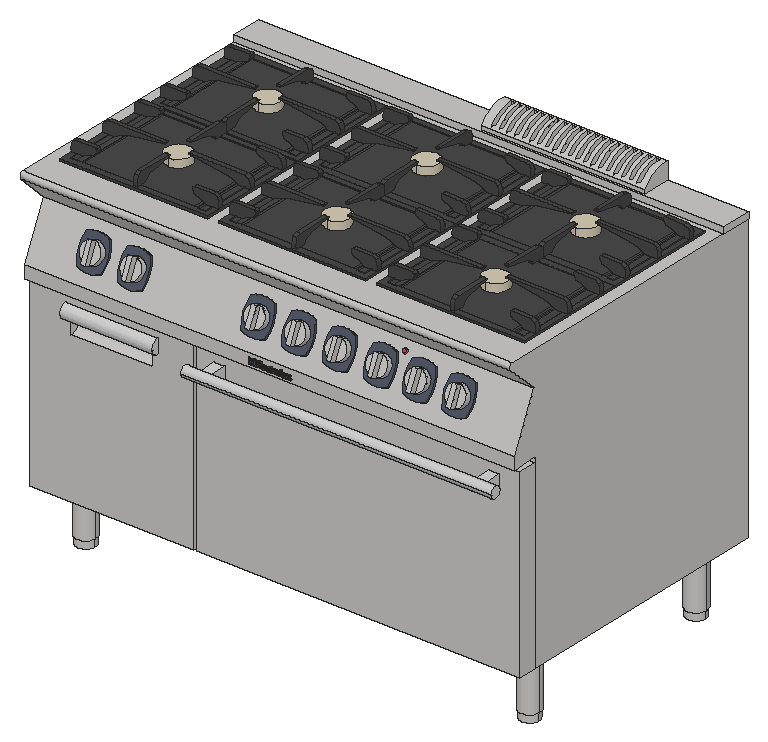
Revit family "QF_ELECTROLUXPROFESSIONAL_371006_E7GCGL6C20", category Specialty Equipment, Revit 2018 (continued)
Automatic sketch dimensions
  Extrusion 44 sketch curve to Extrusion 44 sketch curve = 5.06 mm
  Extrusion 44 sketch curve to Extrusion 44 sketch curve = 0 mm  (x27)
  Extrusion 44 sketch curve to Extrusion 44 sketch curve = 5.108 mm  (x2)
  Extrusion 44 sketch curve to Extrusion 44 sketch curve = 0.054 mm
  Extrusion 44 sketch curve to Extrusion 44 sketch curve = 0.218 mm
  Extrusion 44 sketch curve to Extrusion 44 sketch curve = 0.195 mm
  Extrusion 44 sketch curve to Extrusion 44 sketch curve = 0.249 mm
  Extrusion 44 sketch curve to Extrusion 44 sketch curve = 0.316 mm
  Extrusion 44 sketch curve to Extrusion 44 sketch curve = 0.087 mm
  Extrusion 44 sketch curve to Extrusion 44 sketch curve = 0.358 mm
  Extrusion 44 sketch curve to Extrusion 44 sketch curve = 0.481 mm
  Extrusion 44 sketch curve to Extrusion 44 sketch curve = 0.597 mm
  Extrusion 44 sketch curve to Extrusion 44 sketch curve = 0.544 mm
  Extrusion 44 sketch curve to Extrusion 44 sketch curve = 0.936 mm
  Extrusion 44 sketch curve to Extrusion 44 sketch curve = 0.594 mm
  Extrusion 44 sketch curve to Extrusion 44 sketch curve = 0.343 mm
  Extrusion 44 sketch curve to Extrusion 44 sketch curve = 0.159 mm
  Extrusion 44 sketch curve to Extrusion 44 sketch curve = 0.826 mm
  Extrusion 44 sketch curve to Extrusion 44 sketch curve = 0.839 mm
  Extrusion 44 sketch curve to Extrusion 44 sketch curve = 0.852 mm
  Extrusion 44 sketch curve to Extrusion 44 sketch curve = 0.887 mm
  Extrusion 44 sketch curve to Extrusion 44 sketch curve = 0.928 mm
  Extrusion 44 sketch curve to Extrusion 44 sketch curve = 0.938 mm
  Extrusion 44 sketch curve to Extrusion 44 sketch curve = 0.444 mm
  Extrusion 44 sketch curve to Extrusion 44 sketch curve = 1.11 mm  (x3)
  plane 7 "Center Y" to Extrusion 44 sketch curve = 43.726 mm
  Extrusion 44 sketch curve to Extrusion 44 sketch curve = 0.215 mm
  plane 7 "Center Y" to Extrusion 44 sketch curve = 0.332 mm
  Extrusion 44 sketch curve to Extrusion 44 sketch curve = 1.43 mm
  Extrusion 44 sketch curve to Extrusion 44 sketch curve = 1.188 mm
  Extrusion 44 sketch curve to Extrusion 44 sketch curve = 1.21 mm  (x2)
  Extrusion 44 sketch curve to Extrusion 44 sketch curve = 0.503 mm
  plane 7 "Center Y" to Extrusion 44 sketch curve = 48.995 mm
  Extrusion 44 sketch curve to Extrusion 44 sketch curve = 0.488 mm
  plane 7 "Center Y" to Extrusion 44 sketch curve = 52.922 mm
  Extrusion 44 sketch curve to Extrusion 44 sketch curve = 0.462 mm
  Extrusion 44 sketch curve to Extrusion 44 sketch curve = 1.386 mm
  Extrusion 44 sketch curve to Extrusion 44 sketch curve = 1.742 mm
  Extrusion 44 sketch curve to Extrusion 44 sketch curve = 0.821 mm
  Extrusion 44 sketch curve to Extrusion 44 sketch curve = 0.497 mm
  Extrusion 44 sketch curve to Extrusion 44 sketch curve = 0.539 mm
  Extrusion 44 sketch curve to Extrusion 44 sketch curve = 0.686 mm
  Extrusion 44 sketch curve to plane 7 "Center Y" = 0.042 mm
  Extrusion 44 sketch curve to Extrusion 44 sketch curve = 0.408 mm
  Extrusion 44 sketch curve to Extrusion 44 sketch curve = 0.743 mm
  Extrusion 44 sketch curve to Extrusion 44 sketch curve = 1.16 mm
  Extrusion 44 sketch curve to Extrusion 44 sketch curve = 0.329 mm
  Extrusion 44 sketch curve to Extrusion 44 sketch curve = 1.054 mm
  Extrusion 44 sketch curve to Extrusion 44 sketch curve = 1.056 mm
  Extrusion 44 sketch curve to Extrusion 44 sketch curve = 0.129 mm
  Extrusion 44 sketch curve to Extrusion 44 sketch curve = 0.489 mm
  Extrusion 44 sketch curve to plane 7 "Center Y" = 0.376 mm
  Extrusion 44 sketch curve to Extrusion 44 sketch curve = 0.441 mm
  Extrusion 44 sketch curve to Extrusion 44 sketch curve = 1.151 mm
  Extrusion 44 sketch curve to Extrusion 44 sketch curve = 1.141 mm  (x2)
  Extrusion 44 sketch curve to Extrusion 44 sketch curve = 0.768 mm
  Extrusion 44 sketch curve to Extrusion 44 sketch curve = 1.653 mm
  Extrusion 44 sketch curve to Extrusion 44 sketch curve = 0.499 mm
  Extrusion 44 sketch curve to Extrusion 44 sketch curve = 0.964 mm
  Extrusion 44 sketch curve to Extrusion 44 sketch curve = 0.949 mm
  Extrusion 44 sketch curve to Extrusion 44 sketch curve = 1.345 mm  (x3)
  Extrusion 44 sketch curve to Extrusion 44 sketch curve = 1.101 mm
  Extrusion 44 sketch curve to Extrusion 44 sketch curve = 0.432 mm
  Extrusion 44 sketch curve to Extrusion 44 sketch curve = 1.142 mm
  Extrusion 44 sketch curve to Extrusion 44 sketch curve = 0.959 mm
  Extrusion 44 sketch curve to Extrusion 44 sketch curve = 0.176 mm
  Extrusion 44 sketch curve to Extrusion 44 sketch curve = 0.728 mm
  Extrusion 44 sketch curve to Extrusion 44 sketch curve = 3.375 mm  (x2)
  Extrusion 44 sketch curve to Extrusion 44 sketch curve = 0.541 mm
  Extrusion 44 sketch curve to Extrusion 44 sketch curve = 0.955 mm
  Extrusion 44 sketch curve to Extrusion 44 sketch curve = 1.251 mm
  Extrusion 44 sketch curve to Extrusion 44 sketch curve = 0.572 mm
  plane 7 "Center Y" to Extrusion 44 sketch curve = 47.619 mm
  Extrusion 44 sketch curve to Extrusion 44 sketch curve = 1.92 mm
  Extrusion 44 sketch curve to Extrusion 44 sketch curve = 1.224 mm
  Extrusion 44 sketch curve to Extrusion 44 sketch curve = 0.745 mm
  Extrusion 44 sketch curve to Extrusion 44 sketch curve = 0.036 mm
  Extrusion 44 sketch curve to Extrusion 44 sketch curve = 0.896 mm  (x3)
  Extrusion 44 sketch curve to Extrusion 44 sketch curve = 2.607 mm
  Extrusion 44 sketch curve to Extrusion 44 sketch curve = 0.066 mm
  Extrusion 44 sketch curve to Extrusion 44 sketch curve = 0.248 mm
  Extrusion 44 sketch curve to Extrusion 44 sketch curve = 0.449 mm
  plane 7 "Center Y" to Extrusion 44 sketch curve = 46.838 mm
  Extrusion 44 sketch curve to Extrusion 44 sketch curve = 1.052 mm
  Extrusion 44 sketch curve to Extrusion 44 sketch curve = 1.863 mm
  Extrusion 44 sketch curve to Extrusion 44 sketch curve = 1.31 mm  (x2)
  Extrusion 44 sketch curve to Extrusion 44 sketch curve = 0.901 mm
  Extrusion 44 sketch curve to Extrusion 44 sketch curve = 1.107 mm
  Extrusion 44 sketch curve to Extrusion 44 sketch curve = 2.122 mm
  Extrusion 44 sketch curve to Extrusion 44 sketch curve = 2.101 mm
  Extrusion 44 sketch curve to Extrusion 44 sketch curve = 0.106 mm
  Extrusion 44 sketch curve to Extrusion 44 sketch curve = 0.029 mm
  plane 7 "Center Y" to Extrusion 44 sketch curve = 49.641 mm
  Extrusion 44 sketch curve to Extrusion 44 sketch curve = 2.09 mm
  Extrusion 44 sketch curve to Extrusion 44 sketch curve = 1.279 mm
  Extrusion 44 sketch curve to Extrusion 44 sketch curve = 2.008 mm
  Extrusion 44 sketch curve to Extrusion 44 sketch curve = 0.738 mm
  Extrusion 44 sketch curve to Extrusion 44 sketch curve = 0.382 mm
  Extrusion 44 sketch curve to Extrusion 44 sketch curve = 0.384 mm
  Extrusion 44 sketch curve to Extrusion 44 sketch curve = 0.002 mm
  Extrusion 44 sketch curve to Extrusion 44 sketch curve = 0.561 mm
  Extrusion 44 sketch curve to Extrusion 44 sketch curve = 0.592 mm
  Extrusion 44 sketch curve to Extrusion 44 sketch curve = 2.692 mm
  Extrusion 44 sketch curve to Extrusion 44 sketch curve = 1.259 mm
  plane 7 "Center Y" to Extrusion 44 sketch curve = 48.858 mm
  Extrusion 44 sketch curve to Extrusion 44 sketch curve = 0.802 mm
  Extrusion 44 sketch curve to Extrusion 44 sketch curve = 1.024 mm
  Extrusion 44 sketch curve to Extrusion 44 sketch curve = 0.682 mm
  Extrusion 44 sketch curve to Extrusion 44 sketch curve = 5.934 mm
  Extrusion 44 sketch curve to Extrusion 44 sketch curve = 2.186 mm
  Extrusion 44 sketch curve to Extrusion 44 sketch curve = 0.337 mm
  Extrusion 44 sketch curve to Extrusion 44 sketch curve = 0.021 mm
  Extrusion 44 sketch curve to Extrusion 44 sketch curve = 1.005 mm
  Extrusion 44 sketch curve to Extrusion 44 sketch curve = 0.552 mm
  Extrusion 44 sketch curve to Extrusion 44 sketch curve = 0.778 mm
  Extrusion 44 sketch curve to Extrusion 44 sketch curve = 0.063 mm
  Extrusion 44 sketch curve to Extrusion 44 sketch curve = 1.023 mm
  Extrusion 44 sketch curve to Extrusion 44 sketch curve = 3.804 mm
  Extrusion 44 sketch curve to Extrusion 44 sketch curve = 0.486 mm
  Extrusion 44 sketch curve to Extrusion 44 sketch curve = 0.266 mm
  Extrusion 44 sketch curve to plane 7 "Center Y" = 0.787 mm
  Extrusion 44 sketch curve to Extrusion 44 sketch curve = 1.547 mm
  Extrusion 44 sketch curve to Extrusion 44 sketch curve = 0.717 mm  (x2)
  Extrusion 44 sketch curve to Extrusion 44 sketch curve = 1.667 mm
  plane 7 "Center Y" to Extrusion 44 sketch curve = 44.532 mm
  Extrusion 44 sketch curve to Extrusion 44 sketch curve = 3.174 mm
  plane 7 "Center Y" to Extrusion 44 sketch curve = 0.368 mm
  Extrusion 44 sketch curve to Extrusion 44 sketch curve = 0.388 mm
  Extrusion 44 sketch curve to Extrusion 44 sketch curve = 1.342 mm
  plane 7 "Center Y" to Extrusion 44 sketch curve = 50.135 mm
  Extrusion 44 sketch curve to Extrusion 44 sketch curve = 1.521 mm
  plane 7 "Center Y" to Extrusion 44 sketch curve = 51.694 mm
  Extrusion 44 sketch curve to Extrusion 44 sketch curve = 0.124 mm
  Extrusion 44 sketch curve to Extrusion 44 sketch curve = 0.291 mm
  plane 7 "Center Y" to Extrusion 44 sketch curve = 7.285 mm
  Extrusion 44 sketch curve to Extrusion 44 sketch curve = 1.049 mm  (x2)
  plane 7 "Center Y" to Extrusion 44 sketch curve = 47.668 mm
  Extrusion 44 sketch curve to Extrusion 44 sketch curve = 1.7 mm
  Extrusion 44 sketch curve to Extrusion 44 sketch curve = 0.894 mm
  Extrusion 44 sketch curve to Extrusion 44 sketch curve = 0.989 mm
  Extrusion 44 sketch curve to Extrusion 44 sketch curve = 1.168 mm
  Extrusion 44 sketch curve to Extrusion 44 sketch curve = 1.594 mm
  Extrusion 44 sketch curve to Extrusion 44 sketch curve = 0.731 mm
  Extrusion 44 sketch curve to Extrusion 44 sketch curve = 1.566 mm
  Extrusion 44 sketch curve to Extrusion 44 sketch curve = 0.064 mm
  plane 7 "Center Y" to Extrusion 44 sketch curve = 7.842 mm
  Extrusion 44 sketch curve to Extrusion 44 sketch curve = 0.556 mm
  Extrusion 44 sketch curve to Extrusion 44 sketch curve = 0.48 mm
  Extrusion 44 sketch curve to Extrusion 44 sketch curve = 0.228 mm
  Extrusion 44 sketch curve to Extrusion 44 sketch curve = 1.018 mm
  plane 7 "Center Y" to Extrusion 44 sketch curve = 37.429 mm
  Extrusion 44 sketch curve to Extrusion 44 sketch curve = 0.787 mm
  Extrusion 44 sketch curve to Extrusion 44 sketch curve = 0.618 mm
  plane 7 "Center Y" to Extrusion 44 sketch curve = 42.486 mm
  Extrusion 44 sketch curve to Extrusion 44 sketch curve = 1.672 mm
  plane 7 "Center Y" to Extrusion 44 sketch curve = 53.436 mm
  Extrusion 44 sketch curve to Extrusion 44 sketch curve = 1.361 mm
  Extrusion 44 sketch curve to Extrusion 44 sketch curve = 0.822 mm
  Extrusion 44 sketch curve to Extrusion 44 sketch curve = 0.069 mm
  Extrusion 44 sketch curve to Extrusion 44 sketch curve = 1.88 mm
  plane 7 "Center Y" to Extrusion 44 sketch curve = 35.269 mm
  Extrusion 44 sketch curve to Extrusion 44 sketch curve = 0.42 mm
  Extrusion 44 sketch curve to Extrusion 44 sketch curve = 0.062 mm
  Extrusion 44 sketch curve to Extrusion 44 sketch curve = 1.355 mm
  Extrusion 44 sketch curve to Extrusion 44 sketch curve = 2.34 mm
  Extrusion 44 sketch curve to Extrusion 44 sketch curve = 0.493 mm
  Extrusion 44 sketch curve to Extrusion 44 sketch curve = 0.136 mm
  Extrusion 44 sketch curve to Extrusion 44 sketch curve = 0.128 mm
  Extrusion 44 sketch curve to Extrusion 44 sketch curve = 3.616 mm
  Extrusion 44 sketch curve to Extrusion 44 sketch curve = 4.207 mm
  Extrusion 44 sketch curve to Extrusion 44 sketch curve = 0.183 mm
  Extrusion 44 sketch curve to Extrusion 44 sketch curve = 0.895 mm
  Extrusion 44 sketch curve to Extrusion 44 sketch curve = 1.314 mm
  Extrusion 44 sketch curve to Extrusion 44 sketch curve = 3.231 mm
  Extrusion 44 sketch curve to plane 7 "Center Y" = 23.526 mm
  Extrusion 44 sketch curve to Extrusion 44 sketch curve = 1.299 mm
  Extrusion 44 sketch curve to Extrusion 44 sketch curve = 1.214 mm
  plane 7 "Center Y" to Extrusion 44 sketch curve = 26.369 mm
  Extrusion 44 sketch curve to Extrusion 44 sketch curve = 1.264 mm
  Extrusion 44 sketch curve to Extrusion 44 sketch curve = 0.109 mm
  Extrusion 44 sketch curve to Extrusion 44 sketch curve = 0.357 mm
  Extrusion 44 sketch curve to Extrusion 44 sketch curve = 0.565 mm
  Extrusion 44 sketch curve to Extrusion 44 sketch curve = 2.504 mm
  Extrusion 44 sketch curve to Extrusion 44 sketch curve = 2.459 mm
  Extrusion 44 sketch curve to Extrusion 44 sketch curve = 0.983 mm
  Extrusion 44 sketch curve to Extrusion 44 sketch curve = 0.422 mm  (x2)
  Extrusion 44 sketch curve to Extrusion 44 sketch curve = 1.268 mm
  Extrusion 44 sketch curve to Extrusion 44 sketch curve = 0.671 mm
  Extrusion 44 sketch curve to Extrusion 44 sketch curve = 1.634 mm
  Extrusion 44 sketch curve to Extrusion 44 sketch curve = 0.132 mm
  Extrusion 44 sketch curve to Extrusion 44 sketch curve = 0.586 mm
  Extrusion 44 sketch curve to Extrusion 44 sketch curve = 1.241 mm
  Extrusion 44 sketch curve to Extrusion 44 sketch curve = 1.689 mm
  Extrusion 44 sketch curve to Extrusion 44 sketch curve = 0.627 mm
  Extrusion 44 sketch curve to Extrusion 44 sketch curve = 0.419 mm
  Extrusion 44 sketch curve to Extrusion 44 sketch curve = 1.514 mm
  Extrusion 44 sketch curve to Extrusion 44 sketch curve = 1.019 mm
  Extrusion 44 sketch curve to Extrusion 44 sketch curve = 0.065 mm
  Extrusion 44 sketch curve to Extrusion 44 sketch curve = 1.215 mm
  Extrusion 44 sketch curve to Extrusion 44 sketch curve = 1.122 mm
  Extrusion 44 sketch curve to Extrusion 44 sketch curve = 1.153 mm
  Extrusion 44 sketch curve to Extrusion 44 sketch curve = 1.223 mm
  Extrusion 44 sketch curve to Extrusion 44 sketch curve = 0.934 mm
  Extrusion 44 sketch curve to Extrusion 44 sketch curve = 3.376 mm
  Extrusion 44 sketch curve to Extrusion 44 sketch curve = 0.222 mm
  Extrusion 44 sketch curve to Extrusion 44 sketch curve = 1.383 mm
  Extrusion 44 sketch curve to Extrusion 44 sketch curve = 1.556 mm
  Extrusion 44 sketch curve to Extrusion 44 sketch curve = 2.559 mm
  Extrusion 44 sketch curve to Extrusion 44 sketch curve = 2.51 mm
  Extrusion 44 sketch curve to Extrusion 44 sketch curve = 0.131 mm
  Extrusion 44 sketch curve to Extrusion 44 sketch curve = 1.134 mm
  Extrusion 44 sketch curve to Extrusion 44 sketch curve = 0.094 mm
  Extrusion 44 sketch curve to Extrusion 44 sketch curve = 1.584 mm
  Extrusion 44 sketch curve to Extrusion 44 sketch curve = 0.27 mm
  Extrusion 44 sketch curve to Extrusion 44 sketch curve = 0.916 mm
  Extrusion 44 sketch curve to Extrusion 44 sketch curve = 0.352 mm
  Extrusion 44 sketch curve to Extrusion 44 sketch curve = 0.458 mm
  Extrusion 44 sketch curve to Extrusion 44 sketch curve = 1.282 mm
  Extrusion 44 sketch curve to Extrusion 44 sketch curve = 1.363 mm
  Extrusion 44 sketch curve to Extrusion 44 sketch curve = 0.685 mm
  Extrusion 44 sketch curve to Extrusion 44 sketch curve = 0.905 mm
  Extrusion 44 sketch curve to Extrusion 44 sketch curve = 1.477 mm
  Extrusion 44 sketch curve to Extrusion 44 sketch curve = 0.472 mm
  Extrusion 44 sketch curve to Extrusion 44 sketch curve = 0.101 mm
  Extrusion 44 sketch curve to Extrusion 44 sketch curve = 0.54 mm
  Extrusion 44 sketch curve to Extrusion 44 sketch curve = 0.02 mm
  Extrusion 44 sketch curve to Extrusion 44 sketch curve = 0.829 mm
  Extrusion 44 sketch curve to Extrusion 44 sketch curve = 0.582 mm
  Extrusion 44 sketch curve to Extrusion 44 sketch curve = 0.166 mm
  Extrusion 44 sketch curve to Extrusion 44 sketch curve = 0.16 mm
  Extrusion 44 sketch curve to Extrusion 44 sketch curve = 1.118 mm
  Extrusion 44 sketch curve to Extrusion 44 sketch curve = 0.613 mm
  Extrusion 44 sketch curve to Extrusion 44 sketch curve = 0.781 mm
  Extrusion 44 sketch curve to Extrusion 44 sketch curve = 0.361 mm
  Extrusion 44 sketch curve to Extrusion 44 sketch curve = 0.897 mm
  Extrusion 44 sketch curve to Extrusion 44 sketch curve = 0.167 mm
  Extrusion 44 sketch curve to Extrusion 44 sketch curve = 0.292 mm
  Extrusion 44 sketch curve to Extrusion 44 sketch curve = 0.305 mm
  Extrusion 44 sketch curve to Extrusion 44 sketch curve = 1.557 mm
  Extrusion 44 sketch curve to Extrusion 44 sketch curve = 2.499 mm
  Extrusion 44 sketch curve to Extrusion 44 sketch curve = 3.062 mm
  Extrusion 44 sketch curve to Extrusion 44 sketch curve = 2.968 mm
  Extrusion 44 sketch curve to Extrusion 44 sketch curve = 5.044 mm
  Extrusion 44 sketch curve to Extrusion 44 sketch curve = 0.629 mm  (x2)
  Extrusion 44 sketch curve to Extrusion 44 sketch curve = 1.131 mm
  Extrusion 44 sketch curve to Extrusion 44 sketch curve = 0.137 mm
  Extrusion 44 sketch curve to Extrusion 44 sketch curve = 0.027 mm
  Extrusion 44 sketch curve to Extrusion 44 sketch curve = 2.046 mm
  Extrusion 44 sketch curve to Extrusion 44 sketch curve = 2.235 mm
  radius of Extrusion 8 sketch curve = 6.35 mm
  radius of Extrusion 13 sketch curve = 12.7 mm
  radius of Extrusion 17 sketch curve = 25.4 mm
  radius of Extrusion 18 sketch curve to Extrusion 17 = 0 mm  (x2)
  radius of Extrusion 20 sketch curve = 25.4 mm
  radius of Extrusion 21 sketch curve to Extrusion 20 = 0 mm  (x2)
  radius of Extrusion 23 sketch curve = 25.4 mm
  radius of Extrusion 24 sketch curve to Extrusion 23 = 0 mm  (x2)
  radius of Extrusion 28 sketch curve = 25.4 mm
  radius of Extrusion 29 sketch curve to Extrusion 28 = 0 mm  (x2)
  radius of Extrusion 31 sketch curve = 25.4 mm
  radius of Extrusion 32 sketch curve to Extrusion 31 = 0 mm  (x2)
  radius of Extrusion 34 sketch curve = 25.4 mm
  radius of Extrusion 35 sketch curve to Extrusion 34 = 0 mm  (x2)
  radius of Extrusion 37 sketch curve = 25.4 mm
  radius of Extrusion 38 sketch curve to Extrusion 37 = 0 mm  (x2)
  radius of Extrusion 40 sketch curve = 25.4 mm
  radius of Extrusion 41 sketch curve to Extrusion 40 = 0 mm  (x2)
  radius of Extrusion 42 sketch curve = 5 mm
  radius of Extrusion 43 sketch curve = 3.175 mm
Nested families
  nested 1: "371009_BURNER" at (23.5, -5, 0), type "371009_BURNER"
    with Type Mark "", Status "", Specification by User "", Revision Code "", Item Number "", Installed By "", Identify Quantity as Lot yes, Furnished By "", Foodservice Equipment Identifier yes
  nested 2: "371009_BURNER" at (23.5, -739.127, 0), type "371009_BURNER"
    with Type Mark "", Status "", Specification by User "", Revision Code "", Item Number "", Installed By "", Identify Quantity as Lot yes, Furnished By "", Foodservice Equipment Identifier yes
  nested 3: "371009_BURNER" at (412.5, -5, 0), type "371009_BURNER"
    with Type Mark "", Status "", Specification by User "", Revision Code "", Item Number "", Installed By "", Identify Quantity as Lot yes, Furnished By "", Foodservice Equipment Identifier yes
  nested 4: "371009_BURNER" at (412.5, -739.127, 0), type "371009_BURNER"
    with Type Mark "", Status "", Specification by User "", Revision Code "", Item Number "", Installed By "", Identify Quantity as Lot yes, Furnished By "", Foodservice Equipment Identifier yes
  nested 5: "371009_BURNER" at (1176.5, -5, 0) x (-1, 0, 0) z (0, 0, 1), type "371009_BURNER"
    with Type Mark "", Status "", Specification by User "", Revision Code "", Item Number "", Installed By "", Identify Quantity as Lot yes, Furnished By "", Foodservice Equipment Identifier yes
  nested 6: "371009_BURNER" at (1176.5, -739.127, 0) x (-1, 0, 0) z (0, 0, 1), type "371009_BURNER"
    with Type Mark "", Status "", Specification by User "", Revision Code "", Item Number "", Installed By "", Identify Quantity as Lot yes, Furnished By "", Foodservice Equipment Identifier yes
Connectors
  piping at (1147.613, -464, 141.185), diameter 12.8
    settings: on Extrusion 8, index 1, connector inside diameter 0.50394", connector length 0 mm, flow factor 0, pipe flow 0 GPM, pressure drop 0.00 psi, fitting loss kfactor 0, connector angle 0.00°, fixture units 0, engagement length 0 mm, angle of deflection 0.00°, flow configuration 1, flow direction 1, fitting loss method 0, system type 7, joint type 0, gender type 0, connector reference index -1, connector utility 0, adjustable connector no, is connector primary yes, connector description "Gas Inlet"
  electrical at (1147.613, -514, 148.45), driven by "Volts", driven by "Watts"
    settings: on Extrusion 43, index 2, voltage 400 V, apparent load 6000 VA, apparent load phase1 0 VA, apparent load phase2 0 VA, apparent load phase3 0 VA, power factor 1, load classification "Other", number of poles 1, system type 30, power factor state 1, is connector primary yes, connector utility no, sub classification motor no, connector description "Electrical Connection"
Definition of nested family "371009_BURNER"
  Parameters
    Weight in Pounds = 0
    URL Cutsheet = ""
    URL = "www.electrolux.com"
    Type Mark [instance] = ""
    Status [instance] = ""
    Specification by User [instance] = ""
    Specification by Manufacturer = ""
    Serial Number = ""
    Seismic Rating = ""
    SMACNA No = ""
    Revision Code [instance] = ""
    Omniclass Number and Title = ""
    NAFEM Spec ID Number = ""
    Model = "371009"
    Masterspec = ""
    Manufacturer = "ELECTROLUX"
    Item Number [instance] = ""
    Installed By [instance] = ""
    Identify Quantity as Lot [instance] = yes
    Furnished By [instance] = ""
    Foodservice Equipment Identifier [instance] = yes
    Description = ""
    CSI MasterFormat = ""
    CSI Master Format = ""
  Reference planes
    plane 1 "BACK": y = 0
    plane 2: z = 0
    plane 3 "LEFT": x = 0
    plane 4 "RIGHT": x = 800
    plane 5 "FRONT": y = -700
    plane 6 "TOP": z = 908.85
    plane 7 "Center Y": x = 400
    plane 8 "Center X": y = -350
    plane 9 "Base": z = 150
    plane 10: z = 850.85
  Forms (mm)
    Extrusion 1, solid
      sketch origin (0, -734.127, 5) x (1, 0, 0) y (0, 0, -1)
        loop
          arc (7.142, -850.85) -> (6.739, -862.989) -> (9.761, -874.752) r 42.809
          line (9.761, -874.752) -> (19.961, -879.425) -> (157.339, -879.425)
          arc (157.339, -879.425) -> (158.533, -878.312) -> (157.506, -877.043) r 1.197
          line (157.506, -877.043) -> (64.848, -864.021)
          arc (64.848, -864.021) -> (50.111, -858.738) -> (36.589, -850.85) r 85.245
          line (36.589, -850.85) -> (7.142, -850.85)
        loop
          line (367.858, -850.85) -> (338.411, -850.85)
          arc (338.411, -850.85) -> (324.889, -858.738) -> (310.152, -864.021) r 85.245
          line (310.152, -864.021) -> (217.494, -877.043)
          arc (217.494, -877.043) -> (216.467, -878.312) -> (217.661, -879.425) r 1.197
          line (217.661, -879.425) -> (355.039, -879.425) -> (365.239, -874.752)
          arc (365.239, -874.752) -> (368.261, -862.989) -> (367.858, -850.85) r 42.809
      from 224.564 to 234.564
    Extrusion 2, solid
      sketch origin (0, -734.127, 5) x (1, 0, 0) y (0, 0, -1)
        loop
          arc (7.056, -850.85) -> (6.705, -862.948) -> (9.748, -874.663) r 42.876
          line (9.748, -874.663) -> (19.961, -879.425) -> (65.851, -879.425)
          arc (65.851, -879.425) -> (68.577, -878.352) -> (69.841, -875.709) r 4
          arc (69.841, -875.709) -> (68.75, -869.25) -> (64.816, -864.012) r 13.87
          arc (64.816, -864.012) -> (50.096, -858.731) -> (36.589, -850.85) r 85.245
          line (36.589, -850.85) -> (7.056, -850.85)
        loop
          line (367.944, -850.85) -> (338.411, -850.85)
          arc (338.411, -850.85) -> (324.904, -858.731) -> (310.184, -864.012) r 85.245
          arc (310.184, -864.012) -> (306.25, -869.25) -> (305.159, -875.709) r 13.87
          arc (305.159, -875.709) -> (306.423, -878.352) -> (309.149, -879.425) r 4
          line (309.149, -879.425) -> (355.039, -879.425) -> (365.252, -874.663)
          arc (365.252, -874.663) -> (368.295, -862.948) -> (367.944, -850.85) r 42.876
      from 127.064 to 137.064
    Extrusion 3, solid
      sketch origin (0, -275, 5) x (1, 0, 0) y (0, 0, 1)
        loop
          arc (64.816, 864.012) -> (68.75, 869.25) -> (69.841, 875.709) r 13.87
          arc (69.841, 875.709) -> (68.577, 878.352) -> (65.851, 879.425) r 4
          line (65.851, 879.425) -> (19.961, 879.425) -> (9.748, 874.663)
          arc (9.748, 874.663) -> (6.705, 862.948) -> (7.056, 850.85) r 42.876
          line (7.056, 850.85) -> (36.589, 850.85)
          arc (36.589, 850.85) -> (50.096, 858.731) -> (64.816, 864.012) r 85.245
        loop
          arc (310.184, 864.012) -> (324.904, 858.731) -> (338.411, 850.85) r 85.245
          line (338.411, 850.85) -> (367.944, 850.85)
          arc (367.944, 850.85) -> (368.295, 862.948) -> (365.252, 874.663) r 42.876
          line (365.252, 874.663) -> (355.039, 879.425) -> (309.149, 879.425)
          arc (309.149, 879.425) -> (306.423, 878.352) -> (305.159, 875.709) r 4
          arc (305.159, 875.709) -> (306.25, 869.25) -> (310.184, 864.012) r 13.87
      from 127.064 to 137.064
    Extrusion 4, solid
      sketch origin (454.964, -29.48, 5) x (0, -1, 0) y (0, 0, 1)
        loop
          arc (366.649, 850.85) -> (375.927, 861.743) -> (389.337, 866.736) r 28.426
          line (389.337, 866.736) -> (441.256, 877.043)
          arc (441.256, 877.043) -> (442.283, 878.312) -> (441.089, 879.425) r 1.197
          line (441.089, 879.425) -> (347.797, 879.425)
          arc (347.797, 879.425) -> (343.211, 875.934) -> (337.583, 874.694) r 13.39
          line (337.583, 874.694) -> (337.583, 850.85) -> (366.649, 850.85)
        loop
          arc (606.236, 850.85) -> (606.587, 862.948) -> (603.543, 874.663) r 42.876
          line (603.543, 874.663) -> (593.33, 879.425) -> (509.077, 879.425)
          arc (509.077, 879.425) -> (507.883, 878.312) -> (508.911, 877.043) r 1.197
          line (508.911, 877.043) -> (560.83, 866.736)
          arc (560.83, 866.736) -> (574.239, 861.743) -> (583.518, 850.85) r 28.426
          line (583.518, 850.85) -> (606.236, 850.85)
      from 262.464 to 272.464
    Extrusion 5, solid
      sketch origin (0, 0, 850.85) x (0, -1, 0) y (1, 0, 0)
        loop
          line (642.216, 6.433) -> (642.216, 368.567) -> (367.857, 368.567) -> (367.857, 6.433) -> (642.216, 6.433)
        loop
          line (382.857, 21.433) -> (627.216, 21.433) -> (627.216, 353.567) -> (382.857, 353.567) -> (382.857, 21.433)
      from 0 to 5
    Extrusion 6, solid
      sketch origin (-12.5, 0, 855.85) x (0, -1, 0) y (1, 0, 0)
        loop
          circle (504.356, 200) r 30
      from -1.321 to 17.134
    Extrusion 7, solid
      sketch origin (0, -734.127, 0) x (1, 0, 0) y (0, 0, -1)
        loop
          line (21.433, -855.85) -> (36.589, -855.85)
          arc (36.589, -855.85) -> (40.561, -855.243) -> (44.305, -853.783) r 18.259
          arc (44.305, -853.783) -> (45.997, -853.366) -> (47.69, -853.783) r 3.649
          arc (47.69, -853.783) -> (49.901, -854.522) -> (52.232, -854.529) r 7.328
          line (52.232, -854.529) -> (322.768, -854.529)
          arc (322.768, -854.529) -> (325.099, -854.522) -> (327.31, -853.783) r 7.328
          arc (327.31, -853.783) -> (329.003, -853.366) -> (330.695, -853.783) r 3.649
          arc (330.695, -853.783) -> (334.439, -855.243) -> (338.411, -855.85) r 18.259
          line (338.411, -855.85) -> (353.567, -855.85) -> (353.567, -850.85) -> (21.433, -850.85) -> (21.433, -855.85)
      from 106.911 to 351.27
  Lines and regions (mm)
    symbolic lines
      curve 1: line (6.433, -642.216, 150) -> (368.567, -642.216, 150)
      curve 2: line (6.433, -367.857, 150) -> (6.433, -642.216, 150)
      curve 3: line (368.567, -367.857, 150) -> (192.5, -367.857, 150)
      curve 4: line (368.567, -642.216, 150) -> (368.567, -367.857, 150)
      curve 5: line (353.567, -382.857, 150) -> (192.5, -382.857, 150)
      curve 6: line (353.567, -627.216, 150) -> (353.567, -607.064, 150)
      curve 7: line (21.433, -627.216, 150) -> (182.5, -627.216, 150)
      curve 8: line (21.433, -382.857, 150) -> (21.433, -402.064, 150)
      curve 9: line (52.232, -627.216, 150) -> (52.232, -607.064, 150)
      curve 10: line (322.567, -382.857, 150) -> (322.567, -402.064, 150)
      curve 11: line (148.125, -499.564, 150) -> (148.125, -382.857, 150)
      curve 12: line (154.375, -382.857, 150) -> (154.375, -499.564, 150)
      curve 13: arc (148.297, -509.564, 150) -> (159.191, -533.254, 150) -> (182.5, -544.942, 150) r 39.375
      curve 14: arc (220.42, -509.564, 150) -> (211.39, -528.832, 150) -> (192.5, -538.631, 150) r 33.125
      curve 15: line (220.625, -382.857, 150) -> (220.625, -499.564, 150)
      curve 16: line (226.875, -499.564, 150) -> (226.875, -382.857, 150)
      curve 17: line (192.5, -636.339, 150) -> (192.5, -535.619, 150)
      curve 18: arc (182.657, -474.75, 150) -> (166.195, -483.236, 150) -> (157.853, -499.771, 150) r 30
      curve 19: arc (192.224, -533.982, 150) -> (208.621, -525.661, 150) -> (217.084, -509.337, 150) r 30
      curve 20: line (368.567, -597.064, 150) -> (305.159, -597.064, 150)
      curve 21: line (6.433, -607.064, 150) -> (69.841, -607.064, 150)
      curve 22: line (6.433, -509.564, 150) -> (156.429, -509.564, 150)
      curve 23: line (368.567, -499.564, 150) -> (218.571, -499.564, 150)
      curve 24: line (6.433, -412.064, 150) -> (69.841, -412.064, 150)
      curve 25: line (368.567, -402.064, 150) -> (305.159, -402.064, 150)
      curve 26: line (69.841, -597.064, 150) -> (6.433, -597.064, 150)
      curve 27: line (305.159, -607.064, 150) -> (368.567, -607.064, 150)
      curve 28: line (69.841, -402.064, 150) -> (6.433, -402.064, 150)
      curve 29: line (305.159, -412.064, 150) -> (368.567, -412.064, 150)
      curve 30: arc (69.841, -597.064, 150) -> (74.841, -602.064, 150) -> (69.841, -607.064, 150) r 5
      curve 31: arc (305.159, -607.064, 150) -> (300.159, -602.064, 150) -> (305.159, -597.064, 150) r 5
      curve 32: arc (69.841, -402.064, 150) -> (74.841, -407.064, 150) -> (69.841, -412.064, 150) r 5
      curve 33: arc (305.159, -412.064, 150) -> (300.159, -407.064, 150) -> (305.159, -402.064, 150) r 5
      curve 34: line (21.433, -412.064, 150) -> (21.433, -499.564, 150)
      curve 35: line (52.232, -402.064, 150) -> (52.232, -382.857, 150)
      curve 36: line (21.433, -509.564, 150) -> (21.433, -597.064, 150)
      curve 37: line (52.232, -499.564, 150) -> (52.232, -412.064, 150)
      curve 38: line (52.232, -597.064, 150) -> (52.232, -509.564, 150)
      curve 39: line (21.433, -607.064, 150) -> (21.433, -627.216, 150)
      curve 40: line (322.567, -607.064, 150) -> (322.567, -627.216, 150)
      curve 41: line (353.567, -597.064, 150) -> (353.567, -509.564, 150)
      curve 42: line (322.567, -509.564, 150) -> (322.567, -597.064, 150)
      curve 43: line (353.567, -499.564, 150) -> (353.567, -412.064, 150)
      curve 44: line (353.567, -402.064, 150) -> (353.567, -382.857, 150)
      curve 45: line (322.567, -412.064, 150) -> (322.567, -499.564, 150)
      curve 46: line (156.429, -499.564, 150) -> (6.433, -499.564, 150)
      curve 47: line (218.571, -509.564, 150) -> (368.567, -509.564, 150)
      curve 48: arc (218.571, -499.564, 150) -> (213.571, -504.564, 150) -> (218.571, -509.564, 150) r 5
      curve 49: arc (156.429, -499.564, 150) -> (161.429, -504.564, 150) -> (156.429, -509.564, 150) r 5
      curve 50: arc (157.916, -509.337, 150) -> (166.379, -525.661, 150) -> (182.776, -533.982, 150) r 30
      curve 51: arc (217.147, -499.771, 150) -> (208.805, -483.236, 150) -> (192.343, -474.75, 150) r 30
      curve 52: line (182.5, -535.619, 150) -> (182.5, -636.339, 150)
      curve 53: line (192.5, -473.508, 150) -> (192.5, -367.064, 150)
      curve 54: arc (192.5, -535.619, 150) -> (187.5, -530.619, 150) -> (182.5, -535.619, 150) r 5
      curve 55: arc (192.5, -473.508, 150) -> (187.5, -478.508, 150) -> (182.5, -473.508, 150) r 5
      curve 56: line (182.5, -367.857, 150) -> (6.433, -367.857, 150)
      curve 57: line (182.5, -382.857, 150) -> (21.433, -382.857, 150)
      curve 58: arc (192.5, -404.571, 150) -> (196.398, -417.071, 150) -> (192.5, -429.571, 150) r 21.993
      curve 59: arc (196.181, -420.148, 150) -> (199.482, -417.071, 150) -> (196.181, -413.995, 150) r 3.084
      curve 60: arc (182.5, -404.571, 150) -> (178.602, -417.071, 150) -> (182.5, -429.571, 150) r 21.993
      curve 61: arc (178.819, -420.148, 150) -> (175.518, -417.071, 150) -> (178.819, -413.995, 150) r 3.084
      curve 62: line (182.5, -367.064, 150) -> (182.5, -473.508, 150)
      curve 63: arc (182.5, -538.631, 150) -> (163.61, -528.832, 150) -> (154.58, -509.564, 150) r 33.125
      curve 64: arc (192.5, -544.942, 150) -> (215.809, -533.254, 150) -> (226.703, -509.564, 150) r 39.375
      curve 65: line (182.5, -636.339, 150) -> (192.5, -636.339, 150)
      curve 66: line (182.5, -377.277, 150) -> (192.5, -377.277, 150)
      curve 67: line (182.5, -367.064, 150) -> (192.5, -367.064, 150)
      curve 68: line (192.5, -627.216, 150) -> (353.567, -627.216, 150)
  Dimensions and locks
    equal spacing: plane 3 "LEFT", plane 7 "Center Y", plane 4 "RIGHT"
    plane 3 "LEFT" to plane 4 "RIGHT" = 800 mm
    equal spacing: plane 5 "FRONT", plane 8 "Center X", plane 1 "BACK"
    plane 5 "FRONT" to plane 1 "BACK" = 700 mm
    plane 6 "TOP" to level = 908.85 mm
    plane 9 "Base" to level = 150 mm
    plane 6 "TOP" to plane 10 = 58 mm  (x2)
    aligned and locked: level to plane 2
  Automatic sketch dimensions
    Extrusion 5 sketch curve to Extrusion 5 sketch curve = 15 mm  (x2)
    Extrusion 5 sketch curve to Extrusion 5 sketch curve = 332.134 mm
    plane 3 "LEFT" to Extrusion 2 sketch curve = 7.056 mm
    plane 3 "LEFT" to Extrusion 2 sketch curve = 9.748 mm
    Extrusion 2 sketch curve to Extrusion 2 sketch curve = 10.213 mm  (x2)
    plane 10 to Extrusion 2 sketch curve = 5 mm  (x2)
    Extrusion 2 sketch curve to Extrusion 2 sketch curve = 29.533 mm
    Extrusion 2 sketch curve to Extrusion 2 sketch curve = 12.72 mm  (x2)
    Extrusion 2 sketch curve to Extrusion 2 sketch curve = 6.697 mm
    Extrusion 2 sketch curve to Extrusion 2 sketch curve = 8.81 mm
    Extrusion 2 sketch curve to Extrusion 2 sketch curve = 9.845 mm  (x2)
    Extrusion 2 sketch curve to Extrusion 2 sketch curve = 3.99 mm  (x2)
    Extrusion 2 sketch curve to Extrusion 2 sketch curve = 0 mm  (x2)
    Extrusion 2 sketch curve to Extrusion 2 sketch curve = 36.813 mm
    Extrusion 2 sketch curve to plane 7 "Center Y" = 111.122 mm
    Extrusion 2 sketch curve to plane 6 "TOP" = 28.141 mm
    Extrusion 2 sketch curve to plane 7 "Center Y" = 94.841 mm
    Extrusion 2 sketch curve to Extrusion 2 sketch curve = 1.035 mm
    Extrusion 2 sketch curve to Extrusion 2 sketch curve = 15.507 mm
    Extrusion 2 sketch curve to Extrusion 2 sketch curve = 16.628 mm
    Extrusion 2 sketch curve to Extrusion 2 sketch curve = 2.692 mm
    Extrusion 2 sketch curve to plane 6 "TOP" = 24.425 mm
    Extrusion 2 sketch curve to Extrusion 2 sketch curve = 28.575 mm
    Extrusion 2 sketch curve to Extrusion 2 sketch curve = 3.716 mm
    Extrusion 2 sketch curve to Extrusion 2 sketch curve = 4.763 mm  (x2)
    plane 3 "LEFT" to Extrusion 1 sketch curve = 7.142 mm
    plane 3 "LEFT" to Extrusion 1 sketch curve = 9.761 mm
    Extrusion 1 sketch curve to Extrusion 1 sketch curve = 10.201 mm  (x2)
    plane 10 to Extrusion 1 sketch curve = 5 mm  (x2)
    Extrusion 1 sketch curve to Extrusion 1 sketch curve = 29.447 mm
    Extrusion 1 sketch curve to Extrusion 1 sketch curve = 12.704 mm  (x2)
    Extrusion 1 sketch curve to Extrusion 1 sketch curve = 15.555 mm  (x2)
    Extrusion 1 sketch curve to Extrusion 1 sketch curve = 36.829 mm
    Extrusion 1 sketch curve to plane 6 "TOP" = 24.425 mm  (x2)
    Extrusion 1 sketch curve to Extrusion 1 sketch curve = 92.491 mm
    Extrusion 1 sketch curve to plane 6 "TOP" = 26.807 mm  (x2)
    Extrusion 1 sketch curve to Extrusion 1 sketch curve = 0.167 mm  (x2)
    Extrusion 1 sketch curve to Extrusion 1 sketch curve = 59.988 mm
    Extrusion 1 sketch curve to plane 7 "Center Y" = 111.122 mm
    plane 10 to Extrusion 1 sketch curve = 18.171 mm
    Extrusion 1 sketch curve to Extrusion 1 sketch curve = 21.274 mm
    Extrusion 1 sketch curve to Extrusion 1 sketch curve = 16.628 mm
    Extrusion 1 sketch curve to Extrusion 1 sketch curve = 2.618 mm
    Extrusion 1 sketch curve to Extrusion 1 sketch curve = 4.673 mm  (x2)
    Extrusion 1 sketch curve to Extrusion 1 sketch curve = 5.694 mm
    plane 3 "LEFT" to Extrusion 3 sketch curve = 7.056 mm
    plane 3 "LEFT" to Extrusion 3 sketch curve = 9.748 mm
    Extrusion 3 sketch curve to Extrusion 3 sketch curve = 10.213 mm  (x2)
    plane 10 to Extrusion 3 sketch curve = 5 mm  (x2)
    Extrusion 3 sketch curve to Extrusion 3 sketch curve = 29.533 mm
    Extrusion 3 sketch curve to Extrusion 3 sketch curve = 12.72 mm  (x2)
    Extrusion 3 sketch curve to Extrusion 3 sketch curve = 6.697 mm
    Extrusion 3 sketch curve to Extrusion 3 sketch curve = 8.81 mm
    Extrusion 3 sketch curve to Extrusion 3 sketch curve = 9.845 mm  (x2)
    Extrusion 3 sketch curve to Extrusion 3 sketch curve = 3.99 mm  (x2)
    Extrusion 3 sketch curve to Extrusion 3 sketch curve = 0 mm  (x2)
    Extrusion 3 sketch curve to Extrusion 3 sketch curve = 36.813 mm
    Extrusion 3 sketch curve to plane 7 "Center Y" = 111.122 mm
    Extrusion 3 sketch curve to plane 6 "TOP" = 28.141 mm
    Extrusion 3 sketch curve to plane 7 "Center Y" = 94.841 mm
    Extrusion 3 sketch curve to Extrusion 3 sketch curve = 1.035 mm
    Extrusion 3 sketch curve to Extrusion 3 sketch curve = 15.507 mm
    Extrusion 3 sketch curve to Extrusion 3 sketch curve = 16.628 mm
    Extrusion 3 sketch curve to Extrusion 3 sketch curve = 2.692 mm
    Extrusion 3 sketch curve to plane 10 = 64.377 mm  (x2)
    plane 10 to Extrusion 3 sketch curve = 12.281 mm  (x2)
    Extrusion 3 sketch curve to Extrusion 3 sketch curve = 10.713 mm
    Extrusion 5 to Extrusion 6 sketch curve = 121.499 mm
    Extrusion 5 to Extrusion 6 sketch curve = 166.067 mm
    plane 3 "LEFT" to Extrusion 5 sketch curve = 21.433 mm
    Extrusion 5 sketch curve to plane 5 "FRONT" = 72.784 mm
    plane 3 "LEFT" to Extrusion 7 sketch curve = 21.433 mm
    Extrusion 7 sketch curve to Extrusion 7 sketch curve = 14.402 mm
    plane 10 to Extrusion 7 sketch curve = 5 mm
    plane 10 to Extrusion 7 sketch curve = 2.933 mm  (x4)
    Extrusion 7 sketch curve to Extrusion 7 sketch curve = 7.716 mm  (x2)
    Extrusion 7 sketch curve to Extrusion 7 sketch curve = 0 mm  (x2)
    Extrusion 7 sketch curve to Extrusion 7 sketch curve = 1.692 mm  (x2)
    Extrusion 7 sketch curve to Extrusion 7 sketch curve = 3.385 mm  (x2)
    Extrusion 7 sketch curve to plane 10 = 3.559 mm  (x2)
    Extrusion 7 sketch curve to Extrusion 7 sketch curve = 302.478 mm
    Extrusion 7 sketch curve to Extrusion 7 sketch curve = 15.253 mm
    Extrusion 7 sketch curve to Extrusion 7 sketch curve = 15.156 mm  (x2)
    Extrusion 7 sketch curve to Extrusion 7 sketch curve = 3.233 mm
    Extrusion 7 sketch curve to plane 10 = 0 mm
    Extrusion 7 sketch curve to plane 7 "Center Y" = 77.232 mm
    Extrusion 5 sketch curve to plane 8 "Center X" = 32.857 mm
    plane 3 "LEFT" to Extrusion 5 sketch curve = 6.433 mm
    plane 1 "BACK" to Extrusion 5 sketch curve = 367.857 mm
    plane 10 to Extrusion 4 sketch curve = 5 mm  (x2)
    Extrusion 4 sketch curve to Extrusion 4 sketch curve = 29.066 mm
    Extrusion 4 sketch curve to Extrusion 4 sketch curve = 22.688 mm
    Extrusion 4 sketch curve to plane 10 = 7.392 mm  (x2)
    Extrusion 4 sketch curve to Extrusion 4 sketch curve = 25.583 mm
    Extrusion 4 sketch curve to plane 6 "TOP" = 24.425 mm  (x2)
    Extrusion 4 sketch curve to Extrusion 4 sketch curve = 51.752 mm
    Extrusion 4 sketch curve to Extrusion 4 sketch curve = 0.167 mm  (x2)
    Extrusion 4 sketch curve to plane 6 "TOP" = 26.807 mm
    Extrusion 4 sketch curve to Extrusion 4 sketch curve = 67.655 mm
    Extrusion 4 sketch curve to Extrusion 4 sketch curve = 49.024 mm
    Extrusion 4 sketch curve to Extrusion 4 sketch curve = 2.895 mm
    Extrusion 4 sketch curve to Extrusion 4 sketch curve = 3.153 mm
    Extrusion 4 sketch curve to Extrusion 4 sketch curve = 19.535 mm
    Extrusion 4 sketch curve to Extrusion 4 sketch curve = 9.813 mm
    Extrusion 4 sketch curve to Extrusion 4 sketch curve = 10.213 mm
    Extrusion 4 sketch curve to Extrusion 4 sketch curve = 22.718 mm
    Extrusion 4 sketch curve to Extrusion 4 sketch curve = 8.605 mm
    Extrusion 4 sketch curve to Extrusion 4 sketch curve = 4.731 mm
    Extrusion 4 sketch curve to Extrusion 4 sketch curve = 2.382 mm
    Extrusion 4 sketch curve to Extrusion 4 sketch curve = 8.658 mm
    Extrusion 4 sketch curve to plane 8 "Center X" = 17.064 mm
    curve 13 to curve 14 = 0 mm  (x2)
    curve 13 to curve 63 = 0 mm  (x2)
    curve 13 to curve 64 = 0 mm  (x2)
    curve 18 to curve 19 = 0 mm  (x2)
    curve 18 to curve 50 = 0 mm  (x2)
    curve 18 to curve 51 = 0 mm  (x2)
    curve 25 to plane 7 "Center Y" = 31.433 mm
    curve 3 to curve 44 = 15 mm
    curve 43 to curve 44 = 0 mm
    curve 1 to curve 68 = 15 mm
    curve 41 to curve 43 = 0 mm
    curve 6 to curve 40 = 31 mm
    curve 41 to curve 42 = 31 mm
    curve 43 to curve 45 = 31 mm
    curve 10 to curve 45 = 0 mm
    curve 40 to curve 27 = 17.408 mm
    curve 45 to curve 29 = 17.408 mm
    curve 16 to curve 64 = 0.172 mm
    curve 16 to curve 15 = 6.25 mm
    curve 64 to curve 14 = 6.283 mm
    curve 15 to curve 23 = 2.054 mm
    curve 23 to curve 51 = 1.424 mm
    curve 47 to curve 19 = 1.487 mm
    curve 15 to curve 60 = 20.029 mm
    curve 60 to curve 59 = 4.198 mm
    curve 59 to curve 59 = 0.216 mm  (x2)
    curve 19 to curve 64 = 24.584 mm
    curve 55 to curve 51 = 0.157 mm
    curve 54 to curve 19 = 0.276 mm
    curve 19 to curve 64 = 4.724 mm
    curve 18 to curve 13 = 0 mm
    curve 54 to curve 54 = 5 mm
    curve 50 to curve 54 = 0.276 mm
    curve 18 to curve 55 = 0.157 mm
    curve 60 to curve 61 = 3.681 mm
    curve 61 to curve 61 = 0 mm
    curve 61 to curve 61 = 0.216 mm
    curve 61 to curve 58 = 4.198 mm
    curve 13 to curve 50 = 29.584 mm
    curve 50 to curve 18 = 0.064 mm
    curve 50 to curve 22 = 1.487 mm
    curve 22 to curve 63 = 1.849 mm
    curve 49 to curve 12 = 2.054 mm
    curve 63 to curve 13 = 6.283 mm
    curve 12 to curve 11 = 6.25 mm
    plane 3 "LEFT" to curve 30 = 69.841 mm
    plane 3 "LEFT" to curve 28 = 69.841 mm
    plane 3 "LEFT" to curve 38 = 52.232 mm
    curve 24 to curve 37 = 17.609 mm
    curve 9 to curve 38 = 0 mm
    curve 28 to curve 35 = 17.609 mm
    plane 3 "LEFT" to curve 39 = 21.433 mm
    plane 3 "LEFT" to curve 8 = 21.433 mm
    curve 34 to curve 8 = 0 mm
    curve 36 to curve 34 = 0 mm
    plane 3 "LEFT" to curve 21 = 6.433 mm
    curve 67 to curve 56 = 0.794 mm
    curve 67 to curve 3 = 0.794 mm
    curve 56 to curve 66 = 9.419 mm
    curve 10 to curve 33 = 19.206 mm
    curve 8 to curve 8 = 19.206 mm
    curve 57 to curve 60 = 21.714 mm
    curve 60 to curve 58 = 0 mm
    curve 28 to curve 32 = 5 mm
    curve 33 to curve 33 = 5 mm
    curve 58 to curve 59 = 9.423 mm
    curve 61 to curve 58 = 3.077 mm
    curve 60 to curve 62 = 43.937 mm
    curve 51 to curve 15 = 24.814 mm
    curve 23 to curve 51 = 0.207 mm
    curve 18 to curve 13 = 1.529 mm
    curve 38 to curve 38 = 87.5 mm
    curve 42 to curve 31 = 87.5 mm
    curve 26 to curve 30 = 5 mm
    curve 31 to curve 31 = 5 mm
    curve 9 to curve 9 = 20.152 mm
    curve 65 to plane 5 "FRONT" = 63.661 mm
    curve 6 to curve 4 = 15 mm
    curve 55 to curve 55 = 5 mm
    curve 53 to curve 18 = 5 mm
    curve 45 to curve 16 = 95.692 mm
    curve 2 to curve 57 = 15 mm
    curve 10 to plane 8 "Center X" = 32.857 mm
    curve 57 to plane 8 "Center X" = 32.857 mm
    curve 6 to curve 68 = 20.152 mm
    radius of Extrusion 6 sketch curve = 30 mm
